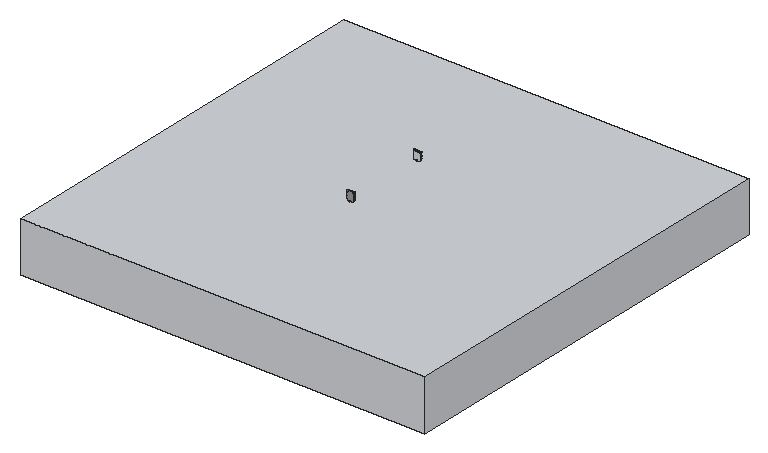
Revit family "Trade Standart", category Обобщенные модели, Revit 2017
Family settings
  Основа = Грань
  Может служить основой для арматурных стержней = Нет
  Размер круглого соединителя = Использовать диаметр
  Тип детали = Нормальный
  При загрузке вырезать с полостями = Нет
  Общий = Нет
  Точка расчета площади = Нет
Parameters
  Расстояние до плоскости = 150 mm
  Default Elevation = 1219.2 mm
  Начало профиля = 249.976 mm
  Конец профиля = 250.024 mm
Reference planes
  plane 1 "По центру (Вперед/Назад)": y = 0
  plane 2: z = 0
  plane 3 "По центру (Влево/Вправо)": x = 0
  plane 4 "Плоскость светильника": z = 150
Forms (mm)
  Extrusion 1, solid
    sketch origin (0, 0, 0) x (1, 0, 0) y (0, 1, 0)
      loop
        line (-1219.2, 1219.2) -> (-1219.2, -1219.2) -> (1219.2, -1219.2) -> (1219.2, 1219.2) -> (-1219.2, 1219.2)
    from 0 to -304.8
  Extrusion 2, solid, material "Алюминий"
    sketch origin (-19.367, -250.024, 150) x (1, 0, 0) y (0, 0, 1)
      loop
        arc (33.722, -51.859) -> (35.632, -52.295) -> (37.398, -51.445) r 2.966
        arc (37.398, -51.445) -> (38.236, -49.77) -> (37.904, -47.926) r 2.966
        arc (37.904, -47.926) -> (40.834, -43.611) -> (42.805, -38.782) r 25
        arc (42.805, -38.782) -> (38.95, -31.8) -> (42.805, -24.818) r 8.25
        arc (42.805, -24.818) -> (40.346, -19.12) -> (36.558, -14.203) r 25
        arc (36.558, -14.203) -> (38.174, -13.134) -> (38.8, -11.3) r 3
        arc (38.8, -11.3) -> (38.255, -9.575) -> (36.817, -8.478) r 3
        arc (36.817, -8.478) -> (36.433, -8.368) -> (36.038, -8.309) r 3
        arc (36.038, -8.309) -> (36.366, -7.795) -> (36.672, -7.268) r 15
        arc (36.672, -7.268) -> (40.4, -8.16) -> (42.571, -5) r 3.385
        line (42.571, -5) -> (42.571, 0) -> (40.76, 0) -> (37.759, 0) -> (-0.159, 0) -> (-3.16, 0) -> (-4.971, 0) -> (-4.971, -5)
        arc (-4.971, -5) -> (-2.8, -8.16) -> (0.928, -7.268) r 3.385
        arc (0.928, -7.268) -> (1.234, -7.795) -> (1.562, -8.309) r 15
        arc (1.562, -8.309) -> (1.167, -8.368) -> (0.783, -8.478) r 3
        arc (0.783, -8.478) -> (-0.655, -9.575) -> (-1.2, -11.3) r 3
        arc (-1.2, -11.3) -> (-0.574, -13.134) -> (1.042, -14.203) r 3
        arc (1.042, -14.203) -> (-2.746, -19.12) -> (-5.205, -24.818) r 25
        arc (-5.205, -24.818) -> (-1.35, -31.8) -> (-5.205, -38.782) r 8.25
        arc (-5.205, -38.782) -> (-3.234, -43.611) -> (-0.304, -47.926) r 25
        arc (-0.304, -47.926) -> (-0.636, -49.77) -> (0.202, -51.445) r 2.966
        arc (0.202, -51.445) -> (1.968, -52.295) -> (3.878, -51.859) r 2.966
        arc (3.878, -51.859) -> (9.009, -54.803) -> (14.688, -56.46) r 25
        line (14.688, -56.46) -> (14.688, -50.7) -> (18.8, -50.7) -> (22.912, -50.7) -> (22.912, -56.46)
        arc (22.912, -56.46) -> (28.591, -54.803) -> (33.722, -51.859) r 25
    from 0 to 1.5
  Extrusion 3, solid
    sketch origin (18.233, 249.976, 150) x (-1, 0, 0) y (0, 0, 1)
      loop
        arc (3.884, -51.859) -> (9.014, -54.803) -> (14.693, -56.46) r 25
        line (14.693, -56.46) -> (14.693, -50.7) -> (18.805, -50.7) -> (22.917, -50.7) -> (22.917, -56.46)
        arc (22.917, -56.46) -> (28.596, -54.803) -> (33.727, -51.859) r 25
        arc (33.727, -51.859) -> (35.637, -52.295) -> (37.403, -51.445) r 2.966
        arc (37.403, -51.445) -> (38.241, -49.77) -> (37.909, -47.926) r 2.966
        arc (37.909, -47.926) -> (40.839, -43.611) -> (42.81, -38.782) r 25
        arc (42.81, -38.782) -> (38.955, -31.8) -> (42.81, -24.818) r 8.25
        arc (42.81, -24.818) -> (40.351, -19.12) -> (36.563, -14.203) r 25
        arc (36.563, -14.203) -> (38.179, -13.134) -> (38.805, -11.3) r 3
        arc (38.805, -11.3) -> (38.26, -9.575) -> (36.822, -8.478) r 3
        arc (36.822, -8.478) -> (36.438, -8.368) -> (36.043, -8.309) r 3
        arc (36.043, -8.309) -> (36.371, -7.795) -> (36.677, -7.268) r 15
        arc (36.677, -7.268) -> (40.405, -8.16) -> (42.576, -5) r 3.385
        line (42.576, -5) -> (42.576, 0) -> (40.765, 0) -> (37.764, 0) -> (-0.154, 0) -> (-3.155, 0) -> (-4.966, 0) -> (-4.966, -5)
        arc (-4.966, -5) -> (-2.795, -8.16) -> (0.933, -7.268) r 3.385
        arc (0.933, -7.268) -> (1.239, -7.795) -> (1.567, -8.309) r 15
        arc (1.567, -8.309) -> (1.172, -8.368) -> (0.788, -8.478) r 3
        arc (0.788, -8.478) -> (-0.65, -9.575) -> (-1.195, -11.3) r 3
        arc (-1.195, -11.3) -> (-0.569, -13.134) -> (1.047, -14.203) r 3
        arc (1.047, -14.203) -> (-2.741, -19.12) -> (-5.2, -24.818) r 25
        arc (-5.2, -24.818) -> (-1.345, -31.8) -> (-5.2, -38.782) r 8.25
        arc (-5.2, -38.782) -> (-3.229, -43.611) -> (-0.299, -47.926) r 25
        arc (-0.299, -47.926) -> (-0.631, -49.77) -> (0.207, -51.445) r 2.966
        arc (0.207, -51.445) -> (1.973, -52.295) -> (3.884, -51.859) r 2.966
    from 0 to 1.5
  Extrusion 4, solid
    sketch origin (0, -398.223, 150) x (0, -1, 0) y (1, 0, 0)
      loop
        line (-154.699, 18.233) -> (-154.699, -19.367) -> (-148.199, -19.367) -> (-148.199, 18.233) -> (-154.699, 18.233)
      loop
        line (-648.199, -19.367) -> (-641.699, -19.367) -> (-641.699, 18.233) -> (-648.199, 18.233) -> (-648.199, -19.367)
    from 0 to -1
Dimensions and locks
  "Расстояние до плоскости": plane 4 "Плоскость светильника" to Extrusion 1
  "Конец профиля": plane 1 "По центру (Вперед/Назад)" to Extrusion 4
  "Начало профиля": Extrusion 4 to plane 1 "По центру (Вперед/Назад)"
  aligned and locked: plane 2 to Extrusion 1
  aligned and locked: level to Extrusion 1
Automatic sketch dimensions
  Extrusion 1 sketch curve to Extrusion 1 sketch curve = 2438.4 mm  (x2)
  Extrusion 4 sketch curve to plane 3 "По центру (Влево/Вправо)" = 19.367 mm  (x2)
  plane 1 "По центру (Вперед/Назад)" to Extrusion 4 sketch curve = 243.524 mm
  Extrusion 4 sketch curve to Extrusion 4 sketch curve = 6.5 mm  (x2)
  plane 3 "По центру (Влево/Вправо)" to Extrusion 4 sketch curve = 18.233 mm  (x2)
  Extrusion 4 sketch curve to plane 1 "По центру (Вперед/Назад)" = 243.476 mm
  Extrusion 2 sketch curve to Extrusion 2 sketch curve = 0 mm  (x46)
  Extrusion 2 sketch curve to Extrusion 4 = 0 mm  (x3)
  Extrusion 2 sketch curve to Extrusion 4 = 9.6 mm
  Extrusion 2 sketch curve to Extrusion 4 = 4.971 mm
  Extrusion 2 sketch curve to Extrusion 2 sketch curve = 1.81 mm
  Extrusion 2 sketch curve to Extrusion 4 = 1.585 mm
  Extrusion 2 sketch curve to Extrusion 4 = 0.159 mm
  Extrusion 4 to Extrusion 2 sketch curve = 1.8 mm
  Extrusion 4 to Extrusion 2 sketch curve = 2.3 mm
  Extrusion 4 to Extrusion 2 sketch curve = 14.05 mm
  Extrusion 2 sketch curve to Extrusion 2 sketch curve = 12.388 mm
  Extrusion 4 to Extrusion 2 sketch curve = 18.8 mm
  Extrusion 2 sketch curve to Extrusion 2 sketch curve = 4.112 mm  (x2)
  Extrusion 2 sketch curve to Extrusion 2 sketch curve = 9.5 mm
  Extrusion 2 sketch curve to Extrusion 4 = 2.3 mm
  Extrusion 2 sketch curve to Extrusion 4 = 1.8 mm
  Extrusion 4 to Extrusion 2 sketch curve = 0.159 mm
  Extrusion 4 to Extrusion 2 sketch curve = 1.585 mm
  Extrusion 2 sketch curve to Extrusion 2 sketch curve = 3.001 mm
  Extrusion 2 sketch curve to Extrusion 2 sketch curve = 3.385 mm
  Extrusion 4 to Extrusion 2 sketch curve = 9.6 mm
  Extrusion 2 sketch curve to Extrusion 4 = 4 mm  (x2)
  Extrusion 2 sketch curve to Extrusion 2 sketch curve = 6.3 mm  (x2)
  Extrusion 2 sketch curve to Extrusion 2 sketch curve = 20.5 mm  (x3)
  Extrusion 2 sketch curve to Extrusion 2 sketch curve = 17.547 mm  (x2)
  Extrusion 2 sketch curve to Extrusion 2 sketch curve = 1.353 mm
  Extrusion 2 sketch curve to Extrusion 2 sketch curve = 5.76 mm  (x2)
  Extrusion 2 sketch curve to Extrusion 4 = 5.205 mm  (x2)
  Extrusion 2 sketch curve to Extrusion 4 = 1.2 mm
  Extrusion 2 sketch curve to Extrusion 4 = 0.304 mm
  Extrusion 4 to Extrusion 2 sketch curve = 0.202 mm
  Extrusion 4 to Extrusion 2 sketch curve = 0.783 mm
  Extrusion 4 to Extrusion 2 sketch curve = 0.928 mm
  Extrusion 4 to Extrusion 2 sketch curve = 1.042 mm
  Extrusion 2 sketch curve to Extrusion 2 sketch curve = 1.578 mm
  Extrusion 2 sketch curve to Extrusion 4 = 1.562 mm
  Extrusion 2 sketch curve to Extrusion 4 = 1.042 mm
  Extrusion 2 sketch curve to Extrusion 4 = 0.928 mm
  Extrusion 2 sketch curve to Extrusion 4 = 0.783 mm
  Extrusion 2 sketch curve to Extrusion 4 = 0.202 mm
  Extrusion 4 to Extrusion 2 sketch curve = 0.304 mm
  Extrusion 4 to Extrusion 2 sketch curve = 5.205 mm
  Extrusion 3 sketch curve to Extrusion 3 sketch curve = 0 mm  (x46)
  Extrusion 3 sketch curve to Extrusion 4 = 0 mm  (x3)
  Extrusion 3 sketch curve to Extrusion 4 = 9.595 mm
  Extrusion 3 sketch curve to Extrusion 4 = 4.966 mm
  Extrusion 3 sketch curve to Extrusion 3 sketch curve = 1.81 mm  (x2)
  Extrusion 3 sketch curve to Extrusion 4 = 1.58 mm
  Extrusion 3 sketch curve to Extrusion 4 = 0.154 mm
  Extrusion 4 to Extrusion 3 sketch curve = 1.805 mm
  Extrusion 4 to Extrusion 3 sketch curve = 2.305 mm
  Extrusion 4 to Extrusion 3 sketch curve = 14.055 mm
  Extrusion 3 sketch curve to Extrusion 3 sketch curve = 12.388 mm
  Extrusion 3 sketch curve to Extrusion 4 = 18.795 mm
  Extrusion 3 sketch curve to Extrusion 3 sketch curve = 4.112 mm  (x2)
  Extrusion 3 sketch curve to Extrusion 3 sketch curve = 9.5 mm
  Extrusion 3 sketch curve to Extrusion 4 = 2.295 mm
  Extrusion 3 sketch curve to Extrusion 4 = 1.795 mm
  Extrusion 4 to Extrusion 3 sketch curve = 0.164 mm
  Extrusion 4 to Extrusion 3 sketch curve = 1.59 mm
  Extrusion 3 sketch curve to Extrusion 3 sketch curve = 3.001 mm
  Extrusion 4 to Extrusion 3 sketch curve = 9.605 mm
  Extrusion 3 sketch curve to Extrusion 4 = 4 mm  (x2)
  Extrusion 3 sketch curve to Extrusion 3 sketch curve = 6.3 mm  (x2)
  Extrusion 3 sketch curve to Extrusion 3 sketch curve = 20.5 mm  (x3)
  Extrusion 3 sketch curve to Extrusion 3 sketch curve = 17.547 mm  (x2)
  Extrusion 3 sketch curve to Extrusion 3 sketch curve = 1.353 mm
  Extrusion 3 sketch curve to Extrusion 3 sketch curve = 5.76 mm  (x2)
  Extrusion 3 sketch curve to Extrusion 4 = 5.2 mm  (x2)
  Extrusion 3 sketch curve to Extrusion 4 = 1.195 mm
  Extrusion 3 sketch curve to Extrusion 4 = 0.299 mm
  Extrusion 4 to Extrusion 3 sketch curve = 0.207 mm
  Extrusion 4 to Extrusion 3 sketch curve = 0.788 mm
  Extrusion 4 to Extrusion 3 sketch curve = 0.933 mm
  Extrusion 4 to Extrusion 3 sketch curve = 1.047 mm
  Extrusion 3 sketch curve to Extrusion 3 sketch curve = 1.578 mm
  Extrusion 3 sketch curve to Extrusion 4 = 1.557 mm
  Extrusion 3 sketch curve to Extrusion 4 = 1.037 mm
  Extrusion 3 sketch curve to Extrusion 4 = 0.923 mm
  Extrusion 3 sketch curve to Extrusion 4 = 0.778 mm
  Extrusion 3 sketch curve to Extrusion 4 = 0.197 mm
  Extrusion 4 to Extrusion 3 sketch curve = 0.309 mm
  Extrusion 4 to Extrusion 3 sketch curve = 5.21 mm
